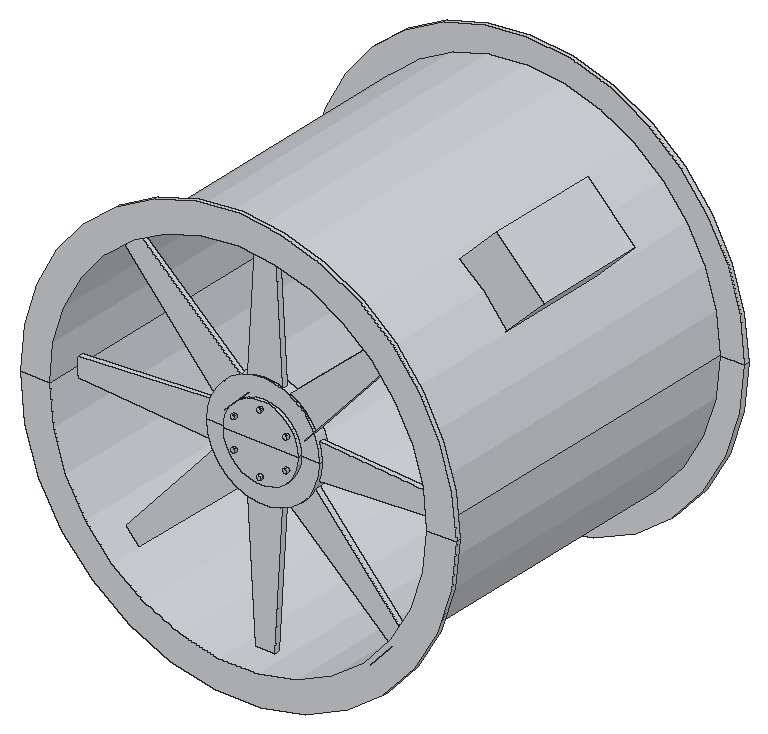
Revit family "CADS_Vent-Axia_MechEquip_Fan_LCA_450_1Ph4P - SUPPLY", category Mechanical Equipment, Revit 2020
Family settings
  Round Connector Dimension = Use Diameter
  Part Type = Normal
  OmniClass Number = 23.75.00.00
  OmniClass Title = Climate Control (HVAC)
  Work Plane-Based = No
  Always vertical = Yes
  Cut with Voids When Loaded = No
  Shared = No
  Room Calculation Point = No
Parameters (values of type "LCA451410")
  nr = NominalDiameter / 2  # 225 mm
  WorkingPressure = 0.0 Pa
  WarrantyStartDate [instance] = "1900-12-31T23:59:59"
  WarrantyPeriod = ""
  WarrantyIdentifier = "N/A"
  WarrantyGuarantorParts = "tech@vent-axia.com"
  WarrantyGuarantorLabor = "tech@vent-axia.com"
  WarrantyGuarantor = "Vent-Axia Limited"
  WarrantyEndDate [instance] = "1900-12-31T23:59:59"
  WarrantyContent = ""
  TemperatureRange = ""
  TagNumber [instance] = "N/A"
  SustainabilityPerformance = ""
  Status = "New"
  Size = ""
  Shape = ""
  ServiceLifeType = ""
  ServiceLifeDuration = ""
  SerialNumber [instance] = "N/A"
  ReplacementCost = ""
  RatedVoltage = 0 V
  RatedCurrent = 0 A
  Quantity = 1
  ProductionYear = ""
  PressureCurve = ""
  PowerFactor = ""
  PointOfContact = ""
  NumberOfPoles = 0
  NominalWidth = 450 mm
  NominalLength = 435 mm
  NominalHeight = 450 mm
  NominalFrequencyRange = ""
  NominalDiameter = 450 mm
  ModelReference = "LCAX 450mm 1PH 4P 10DEG"
  ModelNumber = "LCA451410"
  Material = ""
  ManufacturerE-Mail = "tech@vent-axia.com"
  ManufacturerAddress = "Fleming Way\nCrawley \nRH10 9YX"
  IsExtendedWarranty = no
  InsulationStandardClass = ""
  InstallationDate [instance] = "1900-12-31T23:59:59"
  IfcExportType [instance] = ""
  IfcExportAs = "IfcFanType"
  IP_Code = ""
  HasProtectiveEarth = no
  GrossWeight = 0.00 kg
  Grade = ""
  GlobalTradeItemNumber [instance] = "N/A"
  Fitting Type = "Ignore"
  Finish = ""
  Features = ""
  ExteriorInsulation = no
  ExpectedServiceLife = 0
  Exclusions = ""
  DurationUnit = "Year"
  Default Elevation = 0 mm
  Constituents = ""
  ConductorFunction = ""
  Color = ""
  CodePerformance = ""
  Category = ""
  CADS_Usage = 0
  CADS_Index = 0
  AssetType = "FIXED"
  AssetIdentifier [instance] = "N/A"
  AssemblyPlace = "UNKNOWN"
  ArticleNumber [instance] = "N/A"
  AirflowRateRange = 0.0 L/s
  Air Flow [instance] = 0.0 L/s
  AccessibilityPerformance = ""
Types (16, lengths in mm): name | ModelReference | ModelNumber
  LCA451410 | "LCAX 450mm 1PH 4P 10DEG" | "LCA451410"
  LCA451412 | "LCAX 450mm 1PH 4P 12DEG" | "LCA451412"
  LCA451414 | "LCAX 450mm 1PH 4P 14DEG" | "LCA451414"
  LCA451416 | "LCAX 450mm 1PH 4P 16DEG" | "LCA451416"
  LCA451418 | "LCAX 450mm 1PH 4P 18DEG" | "LCA451418"
  LCA451420 | "LCAX 450mm 1PH 4P 20DEG" | "LCA451420"
  LCA451422 | "LCAX 450mm 1PH 4P 22DEG" | "LCA451422"
  LCA451424 | "LCAX 450mm 1PH 4P 24DEG" | "LCA451424"
  LCA451426 | "LCAX 450mm 1PH 4P 26DEG" | "LCA451426"
  LCA451428 | "LCAX 450mm 1PH 4P 28DEG" | "LCA451428"
  LCA451430 | "LCAX 450mm 1PH 4P 30DEG" | "LCA451430"
  LCA451432 | "LCAX 450mm 1PH 4P 32DEG" | "LCA451432"
  LCA451434 | "LCAX 450mm 1PH 4P 34DEG" | "LCA451434"
  LCA451436 | "LCAX 450mm 1PH 4P 36DEG" | "LCA451436"
  LCA451438 | "LCAX 450mm 1PH 4P 38DEG" | "LCA451438"
  LCA451440 | "LCAX 450mm 1PH 4P 40DEG" | "LCA451440"
Reference planes
  plane 1 "Center (Front/Back)": y = 0
  plane 2: z = 0
  plane 3 "Center (Left/Right)": x = 0
  plane 4: x = -225
  plane 5: x = 225
  plane 6 "F": y = -217.5
  plane 7 "B": y = 217.5
  plane 8: x = -260
  plane 9: y = 212.5
  plane 10: y = -212.5
  plane 11: x = -230
  plane 12: y = -177.5
  plane 13 "top": z = 225
  plane 14: z = -225
  plane 15 "45deg": through (0, -1524, 0) normal (-0.7071, 0, -0.7071)
  plane 16 "C": through (0, -1524, 0) normal (-0.7071, 0, 0.7071)
Forms (mm)
  Revolve 1, solid
    sketch origin (0, 0, 0) x (1, 0, 0) y (0, 1, 0)
      loop
        line (-260, -217.5) -> (-225, -217.5) -> (-225, 217.5) -> (-260, 217.5) -> (-260, 212.5) -> (-230, 212.5) -> (-230, -212.5) -> (-260, -212.5) -> (-260, -217.5)
      axis (0, 217.5) -> (0, -217.5)
    angle from 0 to 360
  Sweep 2, solid
    path origin (0, 0, 0) x (1, 0, 0) y (0, 0, 1)
      loop
        line (159.099, 159.099) -> (205.061, 205.061)
    profile origin (182.08, 0, 182.08) x (-0.707107, 0, 0.707107) y (0, -1, 0)
      loop
        line (37.5, 55) -> (-42.73, 55) -> (-42.73, -79.5) -> (37.5, -79.5) -> (37.5, 55)
Dimensions and locks
  equal spacing: plane 4, plane 3 "Center (Left/Right)", plane 5
  equal spacing: plane 7 "B", plane 1 "Center (Front/Back)", plane 6 "F"
  "NominalLength": plane 7 "B" to plane 6 "F"
  "NominalDiameter": plane 4 to plane 5
  locked: plane 11 to plane 4 at 5
  locked: plane 8 to plane 11 at 30
  locked: plane 6 "F" to plane 10 at 5
  locked: plane 7 "B" to plane 9 at 5
  locked: plane 6 "F" to plane 12 at 40
  equal spacing: plane 13 "top", level, plane 14
  "NominalDiameter": plane 13 "top" to plane 14
  "nr": Sweep 2 sketch curve to nested 13
  Sweep 2 sketch curve to Sweep 2 sketch curve = 65 mm
  aligned and locked: level to plane 2
  aligned and locked: nested 1 to plane 12
Automatic sketch dimensions
  plane 6 "F" to Revolve 1 sketch curve = 0 mm
  Revolve 1 sketch curve to plane 8 = 0 mm  (x2)
  plane 10 to Revolve 1 sketch curve = 0 mm
  Revolve 1 sketch curve to plane 11 = 0 mm
  Revolve 1 sketch curve to plane 4 = 0 mm
  Revolve 1 sketch curve to plane 3 "Center (Left/Right)" = 0 mm
  plane 1 "Center (Front/Back)" to Revolve 1 sketch curve = 0 mm
  Revolve 1 sketch curve to plane 9 = 0 mm
  Revolve 1 sketch curve to plane 7 "B" = 0 mm
  plane 6 "F" to Revolve 1 sketch curve = 115 mm
  plane 1 "Center (Front/Back)" to Sweep 2 sketch curve = 55 mm
  Sweep 2 sketch curve to profile plane = 37.5 mm
  Sweep 2 sketch curve to Sweep 2 sketch curve = 80.23 mm
  Sweep 2 sketch curve to Sweep 2 sketch curve = 134.5 mm
  Sweep 2 sketch curve to plane 16 "C" = 0 mm  (x2)
Nested families
  nested 1: "Fan for ESC" at (0, -177.5, 0), ND <- "NominalDiameter", type "Fan for ESC"
    with hub 45 mm, ND 450 mm, BoltPCD 36 mm, Bolt Count 6, B_Diam 5 mm
  nested 2: "Bolts" at (31.177, -186.672, -18) x (-0.5, 0, -0.866) z (0, 1, 0), type "Bolts"
    with bd 5 mm
  nested 3: "Bolts" at (0, -186.672, -36) x (-1, 0, 0) z (0, 1, 0), type "Bolts"
    with bd 5 mm
  nested 4: "Bolts" at (-31.177, -186.672, -18) x (-0.5, 0, 0.866) z (0, 1, 0), type "Bolts"
    with bd 5 mm
  nested 5: "Bolts" at (-31.177, -186.672, 18) x (0.5, 0, 0.866) z (0, 1, 0), type "Bolts"
    with bd 5 mm
  nested 6: "Bolts" at (31.177, -186.672, 18) x (0.5, 0, -0.866) z (0, 1, 0), type "Bolts"
    with bd 5 mm
  nested 7: "Bolts" at (0, -186.672, 36) x (1, 0, 0) z (0, 1, 0), type "Bolts"
    with bd 5 mm
  nested 8: "ESC Blade" at (0, -177.5, 0), type "ESC Blade"
    with a 20.00°, HR 45 mm, HD 90 mm, BT 22.5 mm, BR 180 mm, BH 40 mm, BD 450 mm, BB 45 mm
  nested 9: "ESC Blade" at (0, -177.5, 0) x (0.7071, 0, -0.7071) z (0.7071, 0, 0.7071), type "ESC Blade"
    with a 20.00°, HR 45 mm, HD 90 mm, BT 22.5 mm, BR 180 mm, BH 40 mm, BD 450 mm, BB 45 mm
  nested 10: "ESC Blade" at (0, -177.5, 0) x (0, 0, -1) z (1, 0, 0), type "ESC Blade"
    with a 20.00°, HR 45 mm, HD 90 mm, BT 22.5 mm, BR 180 mm, BH 40 mm, BD 450 mm, BB 45 mm
  nested 11: "ESC Blade" at (0, -177.5, 0) x (-0.7071, 0, -0.7071) z (0.7071, 0, -0.7071), type "ESC Blade"
    with a 20.00°, HR 45 mm, HD 90 mm, BT 22.5 mm, BR 180 mm, BH 40 mm, BD 450 mm, BB 45 mm
  nested 12: "ESC Blade" at (0, -177.5, 0) x (-1, 0, 0) z (0, 0, -1), type "ESC Blade"
    with a 20.00°, HR 45 mm, HD 90 mm, BT 22.5 mm, BR 180 mm, BH 40 mm, BD 450 mm, BB 45 mm
  nested 13: "ESC Blade" at (0, -177.5, 0) x (-0.7071, 0, -0.7071) z (-0.7071, 0, 0.7071), type "ESC Blade"
    with a 20.00°, HR 45 mm, HD 90 mm, BT 22.5 mm, BR 180 mm, BH 40 mm, BD 450 mm, BB 45 mm
  nested 14: "ESC Blade" at (0, -177.5, 0) x (0, 0, -1) z (-1, 0, 0), type "ESC Blade"
    with a 20.00°, HR 45 mm, HD 90 mm, BT 22.5 mm, BR 180 mm, BH 40 mm, BD 450 mm, BB 45 mm
  nested 15: "ESC Blade" at (0, -177.5, 0) x (0.7071, 0, -0.7071) z (-0.7071, 0, -0.7071), type "ESC Blade"
    with a 20.00°, HR 45 mm, HD 90 mm, BT 22.5 mm, BR 180 mm, BH 40 mm, BD 450 mm, BB 45 mm
Connectors
  hvac at (0, -217.5, 0), driven by "NominalDiameter", driven by "Air Flow"
    settings: on Revolve 1, index 1, duct flow 0.0 L/s, flow factor 0, pres drop 0.0 Pa, loss coef 0, conn angle 0.00°, conn width 304.8 mm, conn height 304.8 mm, conn diameter 450 mm, duct sys type 1, conn prof type 0, flow config 1, flow direction 1, loss method 0, conn ref index -1, conn util no, is conn primary yes, conn desc ""
  hvac at (0, 217.5, 0), driven by "NominalDiameter", driven by "Air Flow"
    settings: on Revolve 1, index 2, duct flow 0.0 L/s, flow factor 0, pres drop 0.0 Pa, loss coef 0, conn angle 0.00°, conn width 304.8 mm, conn height 304.8 mm, conn diameter 450 mm, duct sys type 1, conn prof type 0, flow config 0, flow direction 2, loss method 0, conn ref index -1, conn util no, is conn primary no, conn desc ""
Definition of nested family "Fan for ESC"
  Parameters (values of type "Fan for ESC")
    hub [instance] = ND / 10  # 56.7 mm
    ND [instance] = 567 mm
    Model = "."
    Default Elevation = 0 mm
    BoltPCD [instance] = hub - (hub * 0.2)  # 45.36 mm
    Bolt Count [instance] = if(hub < 50 mm, 6, 8)  # 8
    B_Diam [instance] = if(hub < 50 mm, 5 mm, 10 mm)  # 10 mm
  Reference planes
    plane 1 "Center (Front/Back)": y = 0
    plane 2: z = 0
    plane 3 "Center (Left/Right)": x = 0
    plane 4 "back": y = 20
    plane 5 "bolts": y = -9.172
    plane 6 "B": z = 56.7
    plane 7: x = -79.287
    plane 8: x = -56.7
    plane 9 "hubface": y = -6.172
  Forms (mm)
    Revolve 1, solid
      sketch origin (0, 0, 0) x (1, 0, 0) y (0, 1, 0)
        loop
          line (0, 20) -> (-56.7, 20) -> (-56.7, 10.504) -> (-79.287, 10.504) -> (-79.287, -2.597) -> (-56.7, -2.597) -> (-56.7, -6.172) -> (0, -6.172) -> (0, 20)
        axis (0, 20) -> (0, -6.172)
      angle from 0 to 360
    Extrusion 2, solid, not visible
      sketch origin (0, -6.347, -4) x (-1, 0, 0) y (0, 0, 1)
        loop
          circle (0, 84) r 5
      from 0 to 3
  Lines and regions (mm)
    symbolic lines
      curve 1: circle (0, -9.172, 0) r 45.36 normal (0, 1, 0)
    model lines, not visible
      curve 2: line (0, -6.347, 85) -> (0, -6.347, 75)
  Dimensions and locks
    "hub": plane 6 "B" to plane 2
    "hub": nested 3 to plane 3 "Center (Left/Right)"
    "hub": nested 4 to plane 3 "Center (Left/Right)"
    "hub": nested 5 to plane 3 "Center (Left/Right)"
    "hub": plane 3 "Center (Left/Right)" to nested 6
    "hub": Revolve 1 sketch curve to Revolve 1 sketch curve
    "hub": plane 3 "Center (Left/Right)" to nested 7
    "hub": plane 3 "Center (Left/Right)" to nested 8
    "hub": plane 3 "Center (Left/Right)" to nested 9
    "hub": plane 8 to plane 3 "Center (Left/Right)"
    plane 7 to plane 8 = 22.587 mm
    diameter of Extrusion 2 sketch curve = 10 mm
    "BoltPCD": radius of curve 1
    "BoltPCD": radius of radial array
    aligned and locked: level to plane 2
    aligned and locked: plane 6 "B" to nested 1
  Automatic sketch dimensions
    Revolve 1 sketch curve to plane 7 = 0 mm
    Revolve 1 sketch curve to plane 8 = 0 mm  (x2)
    Revolve 1 sketch curve to plane 3 "Center (Left/Right)" = 0 mm
    Revolve 1 sketch curve to plane 9 "hubface" = 0 mm
    plane 4 "back" to Revolve 1 sketch curve = 0 mm
    plane 1 "Center (Front/Back)" to Revolve 1 sketch curve = 2.597 mm
    plane 4 "back" to Revolve 1 sketch curve = 9.496 mm
    Revolve 1 sketch curve to Revolve 1 sketch curve = 5 mm
    Revolve 1 sketch curve to plane 4 "back" = 45 mm
    curve 1 to level = 0 mm
    curve 1 to plane 3 "Center (Left/Right)" = 0 mm
  Nested families
    nested 1: "ESC Blade" at (0, 0, 0), BD <- "ND", HD <- "hub", type "ESC Blade"
      with a 20.00°, HR 56.7 mm, HD 113.4 mm, BT 28.35 mm, BR 226.8 mm, BH 40 mm, BD 567 mm, BB 56.7 mm
    nested 2: "ESC Blade" at (0, 0, 755), BD <- "ND", HD <- "hub", type "ESC Blade", not visible
      with a 20.00°, HR 56.7 mm, HD 113.4 mm, BT 28.35 mm, BR 226.8 mm, BH 40 mm, BD 567 mm, BB 56.7 mm
    nested 3: "ESC Blade" at (0, 0, 0) x (0.7071, 0, -0.7071) z (0.7071, 0, 0.7071), BD <- "ND", HD <- "hub", type "ESC Blade"
      with a 20.00°, HR 56.7 mm, HD 113.4 mm, BT 28.35 mm, BR 226.8 mm, BH 40 mm, BD 567 mm, BB 56.7 mm
    nested 4: "ESC Blade" at (0, 0, 0) x (0, 0, -1) z (1, 0, 0), BD <- "ND", HD <- "hub", type "ESC Blade"
      with a 20.00°, HR 56.7 mm, HD 113.4 mm, BT 28.35 mm, BR 226.8 mm, BH 40 mm, BD 567 mm, BB 56.7 mm
    nested 5: "ESC Blade" at (0, 0, 0) x (-0.7071, 0, -0.7071) z (0.7071, 0, -0.7071), BD <- "ND", HD <- "hub", type "ESC Blade"
      with a 20.00°, HR 56.7 mm, HD 113.4 mm, BT 28.35 mm, BR 226.8 mm, BH 40 mm, BD 567 mm, BB 56.7 mm
    nested 6: "ESC Blade" at (0, 0, 0) x (-1, 0, 0) z (0, 0, -1), BD <- "ND", HD <- "hub", type "ESC Blade"
      with a 20.00°, HR 56.7 mm, HD 113.4 mm, BT 28.35 mm, BR 226.8 mm, BH 40 mm, BD 567 mm, BB 56.7 mm
    nested 7: "ESC Blade" at (0, 0, 0) x (-0.7071, 0, -0.7071) z (-0.7071, 0, 0.7071), BD <- "ND", HD <- "hub", type "ESC Blade"
      with a 20.00°, HR 56.7 mm, HD 113.4 mm, BT 28.35 mm, BR 226.8 mm, BH 40 mm, BD 567 mm, BB 56.7 mm
    nested 8: "ESC Blade" at (0, 0, 0) x (0, 0, -1) z (-1, 0, 0), BD <- "ND", HD <- "hub", type "ESC Blade"
      with a 20.00°, HR 56.7 mm, HD 113.4 mm, BT 28.35 mm, BR 226.8 mm, BH 40 mm, BD 567 mm, BB 56.7 mm
    nested 9: "ESC Blade" at (0, 0, 0) x (0.7071, 0, -0.7071) z (-0.7071, 0, -0.7071), BD <- "ND", HD <- "hub", type "ESC Blade"
      with a 20.00°, HR 56.7 mm, HD 113.4 mm, BT 28.35 mm, BR 226.8 mm, BH 40 mm, BD 567 mm, BB 56.7 mm
    nested 10: "Bolts" at (0, -9.172, 45.36) x (1, 0, 0) z (0, 1, 0), bd <- "B_Diam", type "Bolts"
      with bd 10 mm
    nested 11: "Bolts" at (32.074, -9.172, 32.074) x (0.7071, 0, -0.7071) z (0, 1, 0), bd <- "B_Diam", type "Bolts"
      with bd 10 mm
    nested 12: "Bolts" at (-32.074, -9.172, 32.074) x (0.7071, 0, 0.7071) z (0, 1, 0), bd <- "B_Diam", type "Bolts"
      with bd 10 mm
    nested 13: "Bolts" at (-45.36, -9.172, 0) x (0, 0, 1) z (0, 1, 0), bd <- "B_Diam", type "Bolts"
      with bd 10 mm
    nested 14: "Bolts" at (-32.074, -9.172, -32.074) x (-0.7071, 0, 0.7071) z (0, 1, 0), bd <- "B_Diam", type "Bolts"
      with bd 10 mm
    nested 15: "Bolts" at (0, -9.172, -45.36) x (-1, 0, 0) z (0, 1, 0), bd <- "B_Diam", type "Bolts"
      with bd 10 mm
    nested 16: "Bolts" at (32.074, -9.172, -32.074) x (-0.7071, 0, -0.7071) z (0, 1, 0), bd <- "B_Diam", type "Bolts"
      with bd 10 mm
    nested 17: "Bolts" at (45.36, -9.172, 0) x (0, 0, -1) z (0, 1, 0), bd <- "B_Diam", type "Bolts"
      with bd 10 mm
  Definition of nested family "ESC Blade"
    Parameters (values of type "ESC Blade")
      a [instance] = 20.00°
      HR [instance] = HD / 2  # 30 mm
      HD [instance] = BD / 5  # 60 mm
      Default Elevation = 1219.2 mm
      BT [instance] = BD / 20  # 15 mm
      BR [instance] = (BD / 2) - HR  # 120 mm
      BH [instance] = 40 mm
      BD [instance] = 300 mm
      BB [instance] = BD / 10  # 30 mm
    Reference planes
      plane 1 "Center (Front/Back)": y = 0
      plane 2: z = 0
      plane 3 "Center (Left/Right)": x = 0
      plane 4 "Blade Bot": z = 30
      plane 5: x = -15
      plane 6: x = 15
      plane 7: x = -7.5
      plane 8: x = 7.5
    Forms (mm)
      Blend 1, solid
        base sketch origin (0, 0, 30) x (-1, 0, 0) y (0, -1, 0)
          loop
            line (15, 0) -> (-15, 0) -> (-15, -6) -> (15, -6) -> (15, 0)
        top sketch origin (0, 0, 30) x (-1, 0, 0) y (0, -1, 0)
          loop
            line (7.5, -6) -> (7.5, 0) -> (-7.5, 0) -> (-7.5, -6) -> (7.5, -6)
        from 0 to 120 <- "BR"
    Dimensions and locks
      "HR": plane 4 "Blade Bot" to level
      equal spacing: plane 8, plane 3 "Center (Left/Right)", plane 7
      "BT": plane 8 to plane 7
      equal spacing: plane 6, plane 3 "Center (Left/Right)", plane 5
      "BB": plane 6 to plane 5
      aligned and locked: level to plane 2
    Automatic sketch dimensions
      plane 1 "Center (Front/Back)" to Blend 1 sketch curve = 0 mm  (x2)
      Blend 1 sketch curve to plane 6 = 0 mm
      Blend 1 sketch curve to plane 5 = 0 mm
      Blend 1 sketch curve to plane 1 "Center (Front/Back)" = 6 mm  (x2)
      Blend 1 sketch curve to plane 8 = 0 mm
      Blend 1 sketch curve to plane 7 = 0 mm
  Definition of nested family "Bolts"
    Parameters
      bd [instance] = 10 mm
      Default Elevation = 1219.2 mm
    Reference planes
      plane 1 "Center (Front/Back)": y = 0
      plane 2: z = 0
      plane 3 "Center (Left/Right)": x = 0
    Forms (mm)
      Extrusion 1, solid
        sketch origin (0, 0, 0) x (1, 0, 0) y (0, 1, 0)
          loop
            line (-1219.2, 1219.2) -> (-1219.2, -1219.2) -> (1219.2, -1219.2) -> (1219.2, 1219.2) -> (-1219.2, 1219.2)
        from 0 to -304.8
      Extrusion 2, solid
        sketch origin (0, 0, 0) x (1, 0, 0) y (0, 1, 0)
          loop
            circle (0, 0) r 5
        from 0 to 3
    Dimensions and locks
      "bd": diameter of Extrusion 2 sketch curve
      aligned and locked: plane 2 to Extrusion 1
      aligned and locked: level to Extrusion 1
    Automatic sketch dimensions
      Extrusion 1 sketch curve to Extrusion 1 sketch curve = 2438.4 mm  (x2)
      plane 1 "Center (Front/Back)" to Extrusion 2 sketch curve = 0 mm
      Extrusion 2 sketch curve to plane 3 "Center (Left/Right)" = 0 mm
Definition of nested family "Bolts"
  Parameters
    bd [instance] = 10 mm
    Default Elevation = 1219.2 mm
  Reference planes
    plane 1 "Center (Front/Back)": y = 0
    plane 2: z = 0
    plane 3 "Center (Left/Right)": x = 0
  Forms (mm)
    Extrusion 1, solid
      sketch origin (0, 0, 0) x (1, 0, 0) y (0, 1, 0)
        loop
          line (-1219.2, 1219.2) -> (-1219.2, -1219.2) -> (1219.2, -1219.2) -> (1219.2, 1219.2) -> (-1219.2, 1219.2)
      from 0 to -304.8
    Extrusion 2, solid
      sketch origin (0, 0, 0) x (1, 0, 0) y (0, 1, 0)
        loop
          circle (0, 0) r 5
      from 0 to 3
  Dimensions and locks
    "bd": diameter of Extrusion 2 sketch curve
    aligned and locked: plane 2 to Extrusion 1
    aligned and locked: level to Extrusion 1
  Automatic sketch dimensions
    Extrusion 1 sketch curve to Extrusion 1 sketch curve = 2438.4 mm  (x2)
    plane 1 "Center (Front/Back)" to Extrusion 2 sketch curve = 0 mm
    Extrusion 2 sketch curve to plane 3 "Center (Left/Right)" = 0 mm
Definition of nested family "ESC Blade"
  Parameters (values of type "ESC Blade")
    a [instance] = 20.00°
    HR [instance] = HD / 2  # 30 mm
    HD [instance] = BD / 5  # 60 mm
    Default Elevation = 1219.2 mm
    BT [instance] = BD / 20  # 15 mm
    BR [instance] = (BD / 2) - HR  # 120 mm
    BH [instance] = 40 mm
    BD [instance] = 300 mm
    BB [instance] = BD / 10  # 30 mm
  Reference planes
    plane 1 "Center (Front/Back)": y = 0
    plane 2: z = 0
    plane 3 "Center (Left/Right)": x = 0
    plane 4 "Blade Bot": z = 30
    plane 5: x = -15
    plane 6: x = 15
    plane 7: x = -7.5
    plane 8: x = 7.5
  Forms (mm)
    Blend 1, solid
      base sketch origin (0, 0, 30) x (-1, 0, 0) y (0, -1, 0)
        loop
          line (15, 0) -> (-15, 0) -> (-15, -6) -> (15, -6) -> (15, 0)
      top sketch origin (0, 0, 30) x (-1, 0, 0) y (0, -1, 0)
        loop
          line (7.5, -6) -> (7.5, 0) -> (-7.5, 0) -> (-7.5, -6) -> (7.5, -6)
      from 0 to 120 <- "BR"
  Dimensions and locks
    "HR": plane 4 "Blade Bot" to level
    equal spacing: plane 8, plane 3 "Center (Left/Right)", plane 7
    "BT": plane 8 to plane 7
    equal spacing: plane 6, plane 3 "Center (Left/Right)", plane 5
    "BB": plane 6 to plane 5
    aligned and locked: level to plane 2
  Automatic sketch dimensions
    plane 1 "Center (Front/Back)" to Blend 1 sketch curve = 0 mm  (x2)
    Blend 1 sketch curve to plane 6 = 0 mm
    Blend 1 sketch curve to plane 5 = 0 mm
    Blend 1 sketch curve to plane 1 "Center (Front/Back)" = 6 mm  (x2)
    Blend 1 sketch curve to plane 8 = 0 mm
    Blend 1 sketch curve to plane 7 = 0 mm
